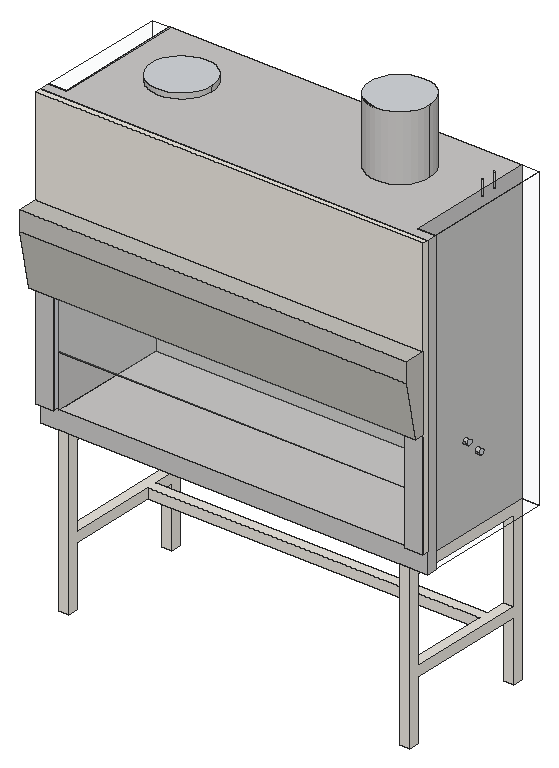
Revit family "BSC-Class-II_Type-B1_NuAire_Labgard_430-435", category Mechanical Equipment, Revit 2026
Family settings
  Round Connector Dimension = Use Radius
  Part Type = Normal
  Classification Number = 23.40.70.11.11.11.11
  Work Plane-Based = No
  Always vertical = Yes
  Cut with Voids When Loaded = No
  Maintain Annotation Orientation = No
  Shared = No
  Room Calculation Point = No
Parameters (values of type "NU435-600 - 36 WORK SURFACE HEIGHT")
  control panel = 2' - 6 13/16"
  WORK SURFACE HEIGHT = 2' - 8 1/2"
  WIDTH = 6' - 5 5/8"
  URL = "http://www.nuaire.com/"
  Type Comments = "Contact Sales for Info: 800-328-3352, 888-4-NUAIRE, www.nuaire.com"
  Specification = "http://www.arcat.com/specwizard/swlist.cgi?coid=46446&mf=04&coname=NuAire%20Laboratory%20Equipment%20Supply%20&webabrv=nuaire&swlist=115300nle.11600nle.Laboratory.Equipment_"
  Side panels [instance] = yes
  Sales Information = "http://www.nuaire.com/contact-us/sales-requests.php"
  Room Inflow = 647 CFM
  Revision = "R1_12/2015"
  Product Properties = "http://www.nuaire.com/products/biological-safety-cabinets/class-ii-type-b2/labgard-es-energy-saver-nu-435-class-ii-type-b2-biosafety-fume-hood.html"
  Product Data = "http://www.arcat.com/arcatcos/cos46/arc46446.html"
  Plumbing Height = 0' - 3"
  Plumbing = 0' - 0 3/16"
  Model = "NU-435-600"
  Manufacturer Website = "http://www.nuaire.com/"
  Manufacturer Phone - Toll Free = "800-328-3352"
  Manufacturer Phone = "763-553-1270"
  Manufacturer Fax = "763-553-0459"
  Manufacturer Address = "2100 Fernbrook Lane, Plymouth, MN 55447 USA"
  Manufacturer = "Nuaire Inc"
  Keynote = "11 53 00"
  INTAKE RING SIDE = 1' - 3 1/2"
  INTAKE RING BACK = 1' - 0"
  Exhaust Flow = 647 CFM
  EXHAUST RING SIDE = 1' - 6 3/8"
  EXHAUST RING BACK = 1' - 0"
  EXHAUST RING = 0' - 6"
  EXHAUST HEIGHT = 1' - 1"
  Drawn By = ""
  Description = "Class II Type B2 Biological Safety Cabinet"
  Default Elevation = 0' - 0"
  DEPTH = 2' - 4"
  Coupling [instance] = 0' - 0 1/2"
  Copyright = "� 2015, ARCAT,Inc"
  Construction Details = "http://www.arcat.com/details/nuaire/nuaire.html?coid=46446"
  Assembly Code = "E1020720"
Types (8): name | Product Properties | Model
  NU430-600 - 36 WORK SURFACE HEIGHT | "http://www.nuaire.com/products/biological-safety-cabinets/class-ii-type-b2/labgard-es-energy-saver-nu-430-class-ii-type-b2-biosafety-cabinet.html" | "NU-430-600"
  NU430-400 - 30 WORK SURFACE HEIGHT | "http://www.nuaire.com/products/biological-safety-cabinets/class-ii-type-b2/labgard-es-energy-saver-nu-430-class-ii-type-b2-biosafety-cabinet.html" | "NU-430-400"
  NU430-400 - 36 WORK SURFACE HEIGHT | "http://www.nuaire.com/products/biological-safety-cabinets/class-ii-type-b2/labgard-es-energy-saver-nu-430-class-ii-type-b2-biosafety-cabinet.html" | "NU-430-400"
  NU430-600 - 30 WORK SURFACE HEIGHT | "http://www.nuaire.com/products/biological-safety-cabinets/class-ii-type-b2/labgard-es-energy-saver-nu-430-class-ii-type-b2-biosafety-cabinet.html" | "NU-430-600"
  NU435-600 - 36 WORK SURFACE HEIGHT | "http://www.nuaire.com/products/biological-safety-cabinets/class-ii-type-b2/labgard-es-energy-saver-nu-435-class-ii-type-b2-biosafety-fume-hood.html" | "NU-435-600"
  NU435-400 - 30 WORK SURFACE HEIGHT | "http://www.nuaire.com/products/biological-safety-cabinets/class-ii-type-b2/labgard-es-energy-saver-nu-435-class-ii-type-b2-biosafety-fume-hood.html" | "NU-435-400"
  NU435-400 - 36 WORK SURFACE HEIGHT | "http://www.nuaire.com/products/biological-safety-cabinets/class-ii-type-b2/labgard-es-energy-saver-nu-435-class-ii-type-b2-biosafety-fume-hood.html" | "NU-435-400"
  NU435-600 - 30 WORK SURFACE HEIGHT | "http://www.nuaire.com/products/biological-safety-cabinets/class-ii-type-b2/labgard-es-energy-saver-nu-435-class-ii-type-b2-biosafety-fume-hood.html" | "NU-435-600"
Reference planes (in)
  plane 1 "Center (Front/Back)": y = -37.77497
  plane 2: z = 0
  plane 3 "Center (Left/Right)": x = -17.66461
  plane 4: x = -56.47711
  plane 5: x = 21.14789
  plane 6: y = -23.77497
  plane 7: y = -51.77497
  plane 8: z = 32.5
  plane 9: z = 92.5
  plane 10: z = 14
Forms (in)
  Extrusion 1, solid
    sketch origin (0, 0, 0) x (1, 0, 0) y (0, 1, 0)
      loop
        line (-56.47711, -51.77497) -> (21.14789, -51.77497) -> (21.14789, -49.77497) -> (17.58539, -49.77497) -> (17.58539, -23.77497) -> (-52.91461, -23.77497) -> (-52.91461, -49.77497) -> (-56.47711, -49.77497) -> (-56.47711, -51.77497)
    from 32.5 to 92.5
  Extrusion 2, solid
    sketch origin (0, 0, 0) x (1, 0, 0) y (0, 1, 0)
      loop
        line (-52.91461, -23.77497) -> (-52.91461, -25.77497) -> (-50.91461, -25.77497) -> (-50.91461, -23.77497) -> (-52.91461, -23.77497)
      loop
        line (17.58539, -23.77497) -> (15.58539, -23.77497) -> (15.58539, -25.77497) -> (17.58539, -25.77497) -> (17.58539, -23.77497)
      loop
        line (17.58539, -51.77497) -> (17.58539, -49.77497) -> (15.58539, -49.77497) -> (15.58539, -51.77497) -> (17.58539, -51.77497)
      loop
        line (-52.91461, -49.77497) -> (-52.91461, -51.77497) -> (-50.91461, -51.77497) -> (-50.91461, -49.77497) -> (-52.91461, -49.77497)
    from 0 to 32.5
  Extrusion 3, solid
    sketch origin (-17.66461, 0, 0) x (0, 1, 0) y (0, 0, 1)
      loop
        circle (-35.08747, 46.3125) r 0.5
    from 35.25 to 36.25
  Extrusion 4, solid
    sketch origin (-17.66461, 0, 0) x (0, 1, 0) y (0, 0, 1)
      loop
        circle (-38.08747, 49.3125) r 0.5
    from 35.25 to 36.25
  Extrusion 5, solid
    sketch origin (0, -37.77497, 0) x (1, 0, 0) y (0, 0, 1)
      loop
        line (-52.91461, 36.5) -> (-52.91461, 58) -> (17.58539, 58) -> (17.58539, 36.5) -> (21.14789, 36.5) -> (21.14789, 92.5) -> (-56.47711, 92.5) -> (-56.47711, 36.5) -> (-52.91461, 36.5)
    from 14 to 15.125
  Extrusion 6, solid
    sketch origin (-17.66461, 0, 0) x (0, 1, 0) y (0, 0, 1)
      loop
        line (-52.89997, 58) -> (-52.89997, 73) -> (-56.89997, 73) -> (-56.89997, 69) -> (-54.64997, 58) -> (-52.89997, 58)
    from -38.8125 to 38.8125
  Extrusion 7, solid
    sketch origin (0, 0, 0) x (1, 0, 0) y (0, 1, 0)
      loop
        line (-52.91461, -25.77497) -> (-52.91461, -49.77497) -> (-50.91461, -49.77497) -> (-50.91461, -25.77497) -> (-52.91461, -25.77497)
      loop
        line (15.58539, -25.77497) -> (15.58539, -49.77497) -> (17.58539, -49.77497) -> (17.58539, -25.77497) -> (15.58539, -25.77497)
    from 30.5 to 32.5
  Extrusion 8, solid
    sketch origin (0, 0, 0) x (1, 0, 0) y (0, 1, 0)
      loop
        line (-52.91461, -25.77497) -> (-52.91461, -49.77497) -> (-50.91461, -49.77497) -> (-50.91461, -25.77497) -> (-52.91461, -25.77497)
      loop
        line (15.58539, -25.77497) -> (15.58539, -49.77497) -> (17.58539, -49.77497) -> (17.58539, -25.77497) -> (15.58539, -25.77497)
    from 12 to 14
  Extrusion 9, solid
    sketch origin (0, 0, 0) x (1, 0, 0) y (0, 1, 0)
      loop
        line (-50.91461, -29.77497) -> (-50.91461, -31.77497) -> (15.58539, -31.77497) -> (15.58539, -29.77497) -> (-50.91461, -29.77497)
    from 12 to 14
  Extrusion 10, solid
    sketch origin (0, -37.77497, 0) x (1, 0, 0) y (0, 0, 1)
      loop
        circle (-54.5927, 34) r 0.25
    from 8.7519 to 12
  Extrusion 11, void
    sketch origin (0, -37.77497, -0.5) x (1, 0, 0) y (0, 0, 1)
      loop
        line (-52.85211, 36.5) -> (17.52289, 36.5) -> (17.52289, 65) -> (-52.85211, 65) -> (-52.85211, 36.5)
    from -10.38082 to 14
  Extrusion 12, solid
    sketch origin (0, -37.77497, 0) x (1, 0, 0) y (0, 0, 1)
      loop
        line (-52.91461, 46.5) -> (17.58539, 46.5) -> (17.58539, 58) -> (-52.91461, 58) -> (-52.91461, 46.5)
    from 14.25272 to 14
  Extrusion 13, solid
    sketch origin (0, -37.64785, 0) x (1, 0, 0) y (0, 0, 1)
      loop
        line (-56.47711, 58) -> (-56.47711, 36.5) -> (-52.91461, 36.5) -> (-52.91461, 58) -> (-56.47711, 58)
      loop
        line (21.14789, 58) -> (17.58539, 58) -> (17.58539, 36.5) -> (21.14789, 36.5) -> (21.14789, 58)
    from 15.25212 to 15.37712
  Extrusion 14, solid, visible <- "Side panels"
    sketch origin (0, 0, 0) x (1, 0, 0) y (0, 1, 0)
      loop
        line (17.58539, -23.77497) -> (17.58539, -49.77497) -> (21.14789, -49.77497) -> (21.14789, -23.77497) -> (17.58539, -23.77497)
    from 32.5 to 92.5
  Extrusion 15, solid
    sketch origin (0, 0, 0) x (1, 0, 0) y (0, 1, 0)
      loop
        circle (18.96039, -32.27497) r 0.1875
    from 92.5 to 95.5
  Extrusion 16, solid
    sketch origin (0, 0, 0) x (1, 0, 0) y (0, 1, 0)
      loop
        circle (18.96039, -35.27497) r 0.1875
    from 92.5 to 95.5
  Extrusion 17, solid
    sketch origin (0, 0, 0) x (1, 0, 0) y (0, 1, 0)
      loop
        line (-56.47711, -23.77497) -> (-56.47711, -49.77497) -> (-52.91461, -49.77497) -> (-52.91461, -23.77497) -> (-56.47711, -23.77497)
    from 32.5 to 92.5
  Extrusion 18, solid
    sketch origin (-0.56783, 0, 0) x (1, 0, 0) y (0, 1, 0)
      loop
        circle (-40.40928, -35.77497) r 6
    from 92.5 to 93.5
  Extrusion 19, solid
    sketch origin (0, 0, 0) x (1, 0, 0) y (0, 1, 0)
      loop
        circle (2.77289, -35.77497) r 6
    from 92.5 to 105.5
Cuts and joins
  Extrusion 11 cuts Extrusion 1
  joined: Extrusion 2, Extrusion 7, Extrusion 8, Extrusion 9
Lines and regions (in)
  model lines
    curve 1: line (-52.91461, -51.77497, 36.5) -> (17.58539, -51.77497, 36.5)
    curve 2: line (-52.91461, -51.77497, 46.5) -> (17.58539, -51.77497, 46.5)
    curve 3: spline (-25.66461, -55.75976, 63.42564) -> (-25.39201, -55.91536, 64.18634) -> (-24.59281, -56.06036, 64.89521) -> (-23.32146, -56.18487, 65.50392) -> (-21.66461, -56.28041, 65.97101) -> (-19.73516, -56.34046, 66.26463) -> (-17.66461, -56.36095, 66.36478) -> (-15.59405, -56.34046, 66.26463) -> (-13.66461, -56.28041, 65.97101) -> (-12.00775, -56.18487, 65.50392) -> (-10.7364, -56.06036, 64.89521) -> (-9.9372, -55.91536, 64.18634) -> (-9.66461, -55.75976, 63.42564) -> (-9.9372, -55.60416, 62.66493) -> (-10.7364, -55.45917, 61.95606) -> (-12.00775, -55.33466, 61.34735) -> (-13.66461, -55.23912, 60.88026) -> (-15.59405, -55.17906, 60.58664) -> (-17.66461, -55.15857, 60.48649) -> (-19.73516, -55.17906, 60.58664) -> (-21.66461, -55.23912, 60.88026) -> (-23.32146, -55.33466, 61.34735) -> (-24.59281, -55.45917, 61.95606) -> (-25.39201, -55.60416, 62.66493) -> (-25.66461, -55.75976, 63.42564)
Dimensions and locks (in)
  locked: plane 9 to plane 8 at 60
  equal spacing: plane 6, plane 1 "Center (Front/Back)", plane 7
  "DEPTH": plane 6 to plane 7
  equal spacing: plane 4, plane 3 "Center (Left/Right)", plane 5
  "WIDTH": plane 5 to plane 4
  "WORK SURFACE HEIGHT": plane 2 to plane 8
  Extrusion 1 sketch curve to Extrusion 1 sketch curve to Extrusion 1 sketch curve = 0' - 3 9/16" locked, 5' - 10 1/2"
  locked: Extrusion 1 sketch curve to Extrusion 1 sketch curve at 3.5625
  Extrusion 1 sketch curve to Extrusion 1 sketch curve to Extrusion 1 sketch curve = 2' - 2", 0' - 2" locked
  Extrusion 2 sketch curve to Extrusion 2 sketch curve to Extrusion 2 sketch curve = 0' - 2" locked, 2' - 0"  (x2)
  Extrusion 2 sketch curve to Extrusion 2 sketch curve to Extrusion 2 sketch curve = 0' - 2" locked, 5' - 6 1/2"  (x2)
  locked: Extrusion 2 sketch curve to Extrusion 2 sketch curve at 2  (x4)
  locked: Extrusion 1 to Extrusion 3 sketch curve at 13.8125
  locked: Extrusion 3 sketch curve to Extrusion 1 at 11.3125
  locked: Extrusion 4 sketch curve to Extrusion 1 at 14.3125
  locked: Extrusion 1 to Extrusion 4 sketch curve at 16.8125
  locked: Extrusion 3 to Extrusion 1 at 1
  locked: Extrusion 5 sketch curve to Extrusion 1 at 4
  locked: Extrusion 5 sketch curve to Extrusion 1 at 25.5
  locked: Extrusion 1 to Extrusion 5 at 1.125
  locked: Extrusion 6 sketch curve to Extrusion 6 sketch curve at 4  (x2)
  locked: Extrusion 7 to Extrusion 7 at 2
  locked: Extrusion 8 to Extrusion 8 at 2
  locked: plane 8 to plane 10 at 18.5
  equal spacing: Extrusion 9 sketch curve, Extrusion 9 sketch curve, Extrusion 6
  locked: Extrusion 9 sketch curve to plane 6 at 6
  "control panel": curve 3 to plane 4
  locked: Extrusion 1 to Extrusion 10 sketch curve at 1.8844
  locked: Extrusion 1 to Extrusion 10 sketch curve at 1.5
  locked: Extrusion 10 to Extrusion 1 at 3.2481
  cut or joined group of Extrusion 1, Extrusion 11 to cut or joined group of Extrusion 1, Extrusion 11 = 0' - 3.61918"
  cut or joined group of Extrusion 1, Extrusion 11 to Extrusion 12 = 0' - 0.25272"
  cut or joined group of Extrusion 2, Extrusion 7, Extrusion 8, Extrusion 9 to cut or joined group of Extrusion 1, Extrusion 11 = 7' - 8 1/2"
  Extrusion 6 to cut or joined group of Extrusion 1, Extrusion 11 = 2' - 9 1/8"
  cut or joined group of Extrusion 2, Extrusion 7, Extrusion 8, Extrusion 9 to Extrusion 3 = 3' - 10 5/16"
  cut or joined group of Extrusion 2, Extrusion 7, Extrusion 8, Extrusion 9 to Extrusion 4 = 4' - 1 5/16"
  connector elem to cut or joined group of Extrusion 2, Extrusion 7, Extrusion 8, Extrusion 9 = 0' - 11 5/16"
  connector elem to cut or joined group of Extrusion 2, Extrusion 7, Extrusion 8, Extrusion 9 = 1' - 2 5/16"
  cut or joined group of Extrusion 2, Extrusion 7, Extrusion 8, Extrusion 9 to cut or joined group of Extrusion 2, Extrusion 7, Extrusion 8, Extrusion 9 = 2' - 4"
  Extrusion 14 to Extrusion 15 sketch curve = 0' - 1 3/8"
  Extrusion 14 to Extrusion 15 sketch curve = 0' - 8 1/2"
  Extrusion 14 to Extrusion 16 sketch curve = 0' - 1 3/8"
  Extrusion 14 to Extrusion 16 sketch curve = 0' - 11 1/2"
  locked: Extrusion 15 to Extrusion 14 at 3
  "INTAKE RING SIDE": plane 4 to Extrusion 18 sketch curve
  "INTAKE RING BACK": cut or joined group of Extrusion 1, Extrusion 11 to Extrusion 18 sketch curve
  locked: Extrusion 18 to Extrusion 5 at 1
  "EXHAUST RING SIDE": Extrusion 19 sketch curve to plane 5
  "EXHAUST RING BACK": cut or joined group of Extrusion 1, Extrusion 11 to Extrusion 19 sketch curve
  locked: Extrusion 19 to plane 9 at 13
  "Coupling": radius of Extrusion 3 sketch curve
  "Coupling": radius of Extrusion 4 sketch curve
  "Plumbing": radius of Extrusion 15 sketch curve
  "Plumbing": radius of Extrusion 16 sketch curve
  "EXHAUST RING": radius of Extrusion 18 sketch curve
  "EXHAUST RING": radius of Extrusion 19 sketch curve
  aligned: level to plane 2
  aligned and locked: plane 7 to Extrusion 1 sketch curve
  aligned and locked: Extrusion 1 sketch curve to plane 5
  aligned and locked: Extrusion 1 sketch curve to Extrusion 1 sketch curve
  aligned and locked: plane 9 to Extrusion 1
  aligned and locked: Extrusion 1 to plane 8
  aligned and locked: Extrusion 1 to plane 4
  aligned and locked: Extrusion 2 sketch curve to Extrusion 1  (x3)
  aligned and locked: Extrusion 1 to Extrusion 2 sketch curve
  aligned and locked: Extrusion 2 to level
  aligned and locked: plane 8 to Extrusion 2
  aligned and locked: Extrusion 2 to Extrusion 1
  aligned and locked: Extrusion 1 to Extrusion 2
  aligned and locked: Extrusion 3 to Extrusion 1
  aligned and locked: Extrusion 3 to Extrusion 4
  aligned and locked: Extrusion 4 to Extrusion 1
  aligned and locked: Extrusion 5 sketch curve to Extrusion 5 sketch curve
  aligned and locked: Extrusion 5 sketch curve to Extrusion 1  (x3)
  aligned and locked: Extrusion 1 to Extrusion 5 sketch curve  (x2)
  aligned and locked: Extrusion 5 to plane 7
  aligned and locked: Extrusion 6 to plane 4
  aligned and locked: Extrusion 6 to plane 5
  aligned and locked: Extrusion 2 to Extrusion 7 sketch curve  (x2)
  aligned and locked: Extrusion 7 sketch curve to Extrusion 2  (x4)
  aligned and locked: Extrusion 1 to Extrusion 7 sketch curve
  aligned and locked: Extrusion 7 sketch curve to Extrusion 1
  aligned: plane 8 to Extrusion 7
  aligned and locked: Extrusion 7 to Extrusion 1
  aligned and locked: Extrusion 8 sketch curve to Extrusion 7  (x3)
  aligned and locked: Extrusion 8 sketch curve to Extrusion 2  (x3)
  aligned and locked: Extrusion 1 to Extrusion 8 sketch curve
  aligned and locked: Extrusion 8 sketch curve to Extrusion 1
  aligned: plane 10 to Extrusion 8
  aligned and locked: plane 10 to Extrusion 8
  aligned and locked: Extrusion 8 to Extrusion 9  (x2)
  aligned and locked: Extrusion 10 to Extrusion 1
  aligned and locked: cut or joined group of Extrusion 1, Extrusion 11 to Extrusion 12 sketch curve
  aligned and locked: Extrusion 12 sketch curve to curve 2
  aligned and locked: Extrusion 5 to Extrusion 12 sketch curve
  aligned and locked: Extrusion 12 sketch curve to Extrusion 5
  aligned and locked: Extrusion 12 to plane 7
  aligned and locked: Extrusion 13 sketch curve to Extrusion 6  (x4)
  aligned and locked: Extrusion 13 sketch curve to curve 1
  aligned and locked: Extrusion 13 sketch curve to Extrusion 5  (x2)
  aligned and locked: curve 1 to Extrusion 13 sketch curve
  aligned and locked: Extrusion 13 to Extrusion 5
  aligned and locked: Extrusion 14 sketch curve to plane 6
  aligned and locked: cut or joined group of Extrusion 1, Extrusion 11 to Extrusion 14 sketch curve
  aligned and locked: plane 5 to Extrusion 14 sketch curve
  aligned and locked: Extrusion 14 sketch curve to cut or joined group of Extrusion 1, Extrusion 11
  aligned and locked: plane 9 to Extrusion 14
  aligned and locked: Extrusion 14 to plane 8
  aligned and locked: Extrusion 15 to plane 9
  aligned and locked: Extrusion 16 to plane 9
  aligned and locked: Extrusion 15 to Extrusion 16
  aligned and locked: Extrusion 17 sketch curve to plane 6
  aligned and locked: Extrusion 17 sketch curve to cut or joined group of Extrusion 1, Extrusion 11  (x2)
  aligned and locked: plane 4 to Extrusion 17 sketch curve
  aligned and locked: plane 9 to Extrusion 17
  aligned and locked: Extrusion 17 to plane 8
  aligned and locked: Extrusion 18 to plane 9
  aligned and locked: Extrusion 19 to plane 9
Automatic sketch dimensions
  plane 7 to Extrusion 6 sketch curve = 0' - 5 1/8"
  Extrusion 6 sketch curve to Extrusion 6 sketch curve = 0' - 1 3/4"
  plane 8 to Extrusion 6 sketch curve = 2' - 1 1/2"
  Extrusion 6 sketch curve to Extrusion 6 sketch curve = 0' - 11"
  Extrusion 1 to curve 2 = 0' - 3 9/16"  (x2)
  Extrusion 1 to curve 1 = 0' - 3 9/16"  (x2)
  Extrusion 1 to curve 1 = 0' - 4"
  curve 1 to curve 2 = 0' - 10"
  plane 4 to Extrusion 9 sketch curve = 0' - 5 9/16"
  plane 5 to Extrusion 9 sketch curve = 0' - 5 9/16"
  Extrusion 9 sketch curve to Extrusion 9 sketch curve = 0' - 2"
  Extrusion 6 to curve 3 = 0' - 5.53797"
  curve 3 to curve 3 = 0' - 8"
  plane 4 to Extrusion 11 sketch curve = 0' - 3 5/8"
  plane 5 to Extrusion 11 sketch curve = 0' - 3 5/8"
  plane 8 to Extrusion 11 sketch curve = 0' - 3 1/2"
  Extrusion 11 sketch curve to plane 9 = 2' - 4"
  radius of Extrusion 10 sketch curve = 0' - 0 1/4"
Connectors (in)
  piping at (18.58539, -35.08747, 46.3125), diameter 1, driven by "Coupling"
    settings: on Extrusion 3, index 1, connector inside diameter 1", connector length 0' - 0", flow factor 0, pipe flow 0 GPM, pressure drop 0.00 psi, fitting loss kfactor 0, connector angle 0.00°, fixture units 0, engagement length 0' - 0", angle of deflection 0.00°, flow configuration 2, flow direction 1, fitting loss method 0, system type 7, joint type 0, gender type 0, connector reference index -1, connector utility 0, adjustable connector no, is connector primary yes, connector description ""
  piping at (18.58539, -38.08747, 49.3125), diameter 1, driven by "Coupling"
    settings: on Extrusion 4, index 2, connector inside diameter 1", connector length 0' - 0", flow factor 0, pipe flow 0 GPM, pressure drop 0.00 psi, fitting loss kfactor 0, connector angle 0.00°, fixture units 0, engagement length 0' - 0", angle of deflection 0.00°, flow configuration 0, flow direction 0, fitting loss method 0, system type 28, joint type 0, gender type 0, connector reference index -1, connector utility 0, adjustable connector no, is connector primary no, connector description ""
  electrical at (-54.5927, -46.52687, 34)
    settings: on Extrusion 10, index 4, voltage 115 V, apparent load 0 VA, apparent load phase1 0 VA, apparent load phase2 0 VA, apparent load phase3 0 VA, power factor 1, load classification "Power", number of poles 1, system type 31, power factor state 1, is connector primary yes, connector utility no, sub classification motor no, connector description ""
  piping at (18.96039, -32.27497, 95.5), diameter 0.375, driven by "Plumbing"
    settings: on Extrusion 15, index 5, connector inside diameter 3/8", connector length 0' - 0", flow factor 0, pipe flow 0 GPM, pressure drop 0.00 psi, fitting loss kfactor 0, connector angle 0.00°, fixture units 0, engagement length 0' - 0", angle of deflection 0.00°, flow configuration 0, flow direction 0, fitting loss method 0, system type 7, joint type 0, gender type 0, connector reference index -1, connector utility 0, adjustable connector no, is connector primary no, connector description ""
  piping at (18.96039, -35.27497, 95.5), diameter 0.375, driven by "Plumbing"
    settings: on Extrusion 16, index 6, connector inside diameter 3/8", connector length 0' - 0", flow factor 0, pipe flow 0 GPM, pressure drop 0.00 psi, fitting loss kfactor 0, connector angle 0.00°, fixture units 0, engagement length 0' - 0", angle of deflection 0.00°, flow configuration 0, flow direction 0, fitting loss method 0, system type 7, joint type 0, gender type 0, connector reference index -1, connector utility 0, adjustable connector no, is connector primary no, connector description ""
  hvac at (2.77289, -35.77497, 105.5), driven by "EXHAUST RING"
    settings: on Extrusion 19, index 7, duct flow 0 CFM, flow factor 0, pres drop 0.00 in-wg, loss coef 0, conn angle 0.00°, conn width 12", conn height 12", conn diameter 12", duct sys type 1, conn prof type 0, flow config 0, flow direction 0, loss method 0, conn ref index -1, conn util no, is conn primary yes, conn desc ""
